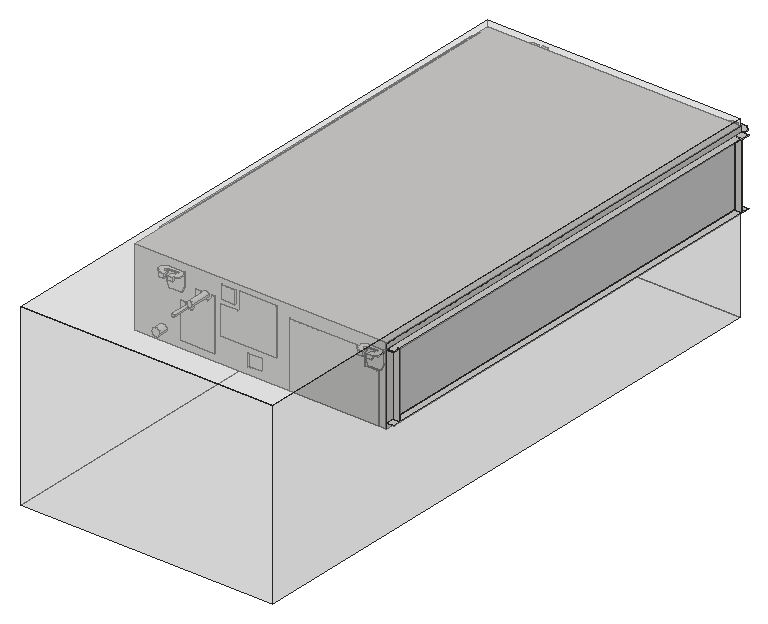
Revit family "outputfile", category 機械設備, Revit 2024
Family settings
  丸型コネクタ寸法 = 半径を使用
  パーツ タイプ = 標準
  OmniClass 番号 = 23.75.10.24.21.27.27
  OmniClass タイトル = Split System Air Conditioning Units
  作業面ベース = いいえ
  常に垂直 = はい
  ロード時にボイドで切り取り = いいえ
  注釈の向きを維持 = いいえ
  共有 = いいえ
  部屋計算ポイント = はい
Parameters (values of type "FBFC48DV2S")
  Description = ""
  製造元 = "Daikin"
  書き出し IFC クラス(タイプ) = "IfcUnitaryEquipmentType"
  定義済み IFC タイプ(タイプ) = "AIRCONDITIONINGUNIT"
  Cost = 0
  モデル = "FBFC48DV2S"
  Type Comments = ""
  Keynote = ""
  Type Image = (empty or 0)
  Assembly Code = ""
  switch_frequency = yes
  r_Liquid Pipe Size = Liquid Pipe Size / 2  # 4.75 mm
  r_Gas Pipe Size = Gas Pipe Size / 2  # 7.95 mm
  r_Drain Pipe Size = Drain Pipe Size / 2  # 12.5 mm
  lw_power = 770.0 mm  # constant formula
  lh_SA = 138.0 mm  # constant formula
  lw_SA = if(Depth = 550.0 mm, 225.0 mm, if(Depth = 700.0 mm, 300.0 mm, if(Depth = 1000.0 mm, 450.0 mm, if(Depth = 1400.0 mm, 650.0 mm, 725.0 mm))))  # 650.0 mm
  lw_RA = if(Depth = 550.0 mm, 275.0 mm, if(Depth = 700.0 mm, 349.0 mm, if(Depth = 1000.0 mm, 499.0 mm, if(Depth = 1400.0 mm, 699.0 mm, 775.0 mm))))  # 699.0 mm
  lh_power = 60.0 mm + [h***]  # 60.0 mm
  lh_mountinghole1 = lh_mountinghole + [h***]  # 222.0 mm
  lh_RA = 123.0 mm  # constant formula
  ld_power = Depth / 2  # 700.0 mm
  connector_voltage = Voltage_50Hz  # 220 V
  connector_powerinput = [Power Input (Cooling)]  # 0.000 kW
  connector_phase = Phase_50Hz  # 1
  Voltage_comment_50Hz = "220 - 240"
  Voltage_50Hz = 220 V
  URL = ""
  Supply Air Direction [instance] = yes
  Sound Power Level_H speed (dB) = 0
  Phase_50Hz = 1
  Minimum External Static Pressure = 50.00 Pa
  Minimum Circuit Amps_50Hz = 0.0 A
  Maximum Fuse Amps_50Hz = 0.0 A
  Maximum External Static Pressure = 150.00 Pa
  Material_Casing = DAIKIN_GalvanizedSteel_Casing_indoorunit
  lw_mountinghole = 630.0 mm  # constant formula
  lh_gaspipe = 183.0 mm + [h***]  # 183.0 mm
  lh_mountinghole = 222.0 mm  # constant formula
  lh_liquidpipe = 136.0 mm + [h***]  # 136.0 mm
  lh_drainpipe = 38.0 mm + [h***]  # 38.0 mm
  lh_antena = Height - lh_mountinghole + 1.0 mm  # 24.0 mm
  ld_drainpipe = Depth / 2 + 26.0 mm  # 726.0 mm
  ld_liquidpipe = Depth / 2 + 69.0 mm  # 769.0 mm
  ld_gaspipe = Depth / 2 + 65.0 mm  # 765.0 mm
  ld_mountinghole = Depth + 38.0 mm  # 1438.0 mm
  h*** = 0.0 mm  # constant formula
  lw_liquidpipe = 179.0 mm  # constant formula
  lw_gaspipe = 229.0 mm  # constant formula
  lw_drainpipe = 91.0 mm  # constant formula
  Width = 800.0 mm
  Version = "ver.1.0"
  Unit Type = "M.S.P. Duct"
  Unit Mass Weight = 46.00 kg
  Unit Designation [instance] = ""
  Uniclass2015Version = "Products v1.30"
  Uniclass2015Title = "Split coil room air conditioning units"
  Uniclass2015Code = "Pr_70_65_03_86"
  Total Cooling Capacity [instance] = 0.000 kW
  Sound Pressure Level_M speed (dBA) = 37.5
  Sound Pressure Level_L speed (dBA) = 35
  Sound Pressure Level_H speed (dBA) = 40
  Series = "SkyAir_Fan Coil Unit"
  Sensible Cooling Capacity [instance] = 0.000 kW
  SA Duct Size Width = 1192.0 mm
  SA Duct Size Height = 176.0 mm
  Refrigerant Type = "R32"
  RA Duct Size Width = 1352.0 mm
  RA Duct Size Height = 208.0 mm
  Power Input (Cooling) = 0.000 kW
  Option Accessory 3 [instance] = ""
  Option Accessory 2 [instance] = ""
  Option Accessory 1 [instance] = ""
  Nominal Cooling Capacity = 14.100 kW
  Minimum Airflow = 1500.00 m³/h
  Median Airflow = 1830.00 m³/h
  Maximum Airflow = 2160.00 m³/h
  Load Classification = HVAC
  Liquid Pipe Size = 9.5 mm
  Link_Nested Family [instance] = ""
  IfcVersion = ""
  IfcExportType = "AIRCONDITIONINGUNIT"
  IfcExportAs = "IfcUnitaryEquipmentType"
  Height = 245.0 mm
  Heat Exchanger Type = "Cross Fin Coil"
  Gas Pipe Size = 15.9 mm
  Frequency_50Hz = 50 Hz
  Fan Type = "Sirocco Fan"
  Fan Drive = "Direct Drive"
  FCU Tag No. [instance] = ""
  Drain Pipe Size = 25.0 mm
  Design Supply Airflow [instance] = 0.00 m³/h
  Design Return Airflow [instance] = 0.00 m³/h
  Design External Static Pressure [instance] = 0.00 Pa
  Depth = 1400.0 mm
  既定の高さ = 0.0 mm
  Cooling Entering Wet Bulb Temperature [instance] = 0.00 °C
  Cooling Entering Dry Bulb Temperature [instance] = 0.00 °C
  Cooling Ambient Wet Bulb Temperature [instance] = 0.00 °C
  Cooling Ambient Dry Bulb Temperature [instance] = 0.00 °C
  Clearance visibility [instance] = yes
  Clearance Top = 20.0 mm
  Clearance Right = 0.0 mm
  Clearance Rear = 0.0 mm
  Clearance Left = 0.0 mm
  Clearance Front = 450.0 mm
  Clearance Bottom = 300.0 mm
Reference planes
  plane 1 "Center (Front/Back)": y = 0
  plane 2 "h": z = 0
  plane 3 "Center (Left/Right)": x = 0
  plane 4 "Back": y = 700
  plane 5 "Front": y = -700
  plane 6 "Left": x = -400
  plane 7 "Right": x = 400
  plane 8 "Top": z = 0
  plane 9 "Bottom": z = -245
  plane 10: y = -215
  plane 11: y = 700
  plane 12: y = -1150
  plane 13: x = -400
  plane 14: x = 400
  plane 15: z = 20
  plane 16: z = -545
  plane 17: x = -400
  plane 18: x = -399
  plane 19: x = 399
  plane 20: y = 50
  plane 21: y = -1
  plane 22: z = -122
  plane 23: y = -701
  plane 24: z = -109
  plane 25: x = -221
  plane 26: y = -765
  plane 27: z = -62
  plane 28: x = -171
  plane 29: y = -726
  plane 30: z = -207
  plane 31: x = -309
  plane 32: x = -309
  plane 33: x = -221
  plane 34: x = -171
  plane 35: x = 370
  plane 36: x = -266
  plane 37: x = 364
  plane 38: y = -719
  plane 39: y = 719
  plane 40: z = -23
  plane 41: z = -107
  plane 42: y = -769
  plane 43: y = -726
  plane 44: x = -251
  plane 45: x = -203
  plane 46: x = -144
  plane 47: z = -59
  plane 48: z = -106
  plane 49: z = -221
  plane 50: z = -109
  plane 51: x = -221
  plane 52: z = -62
  plane 53: x = -171
  plane 54: z = -17
  plane 55: z = -59
  plane 56: x = -121
  plane 57: x = -79
  plane 58: x = -125
  plane 59: x = -64
  plane 60: x = 53
  plane 61: z = -164
  plane 62: z = -73
  plane 63: z = -16
  plane 64: x = 93.5
  plane 65: x = 374.5
  plane 66: x = 330
  plane 67: z = -88.5
  plane 68: z = -38
  plane 69: z = -242.5
  plane 70: x = -38.5
  plane 71: x = 6.5
  plane 72: z = -181
  plane 73: z = -221
  plane 74: y = -699
  plane 75: x = -424
  plane 76: x = 424
Forms (mm)
  Extrusion 1, solid, material "DAIKIN_GalvanizedSteel_Casing_indoorunit" <- "Material_Casing"
    sketch origin (0, 0, 0) x (1, 0, 0) y (0, 1, 0)
      loop
        line (-399, 700) -> (-399, -700) -> (399, -700) -> (399, 700) -> (-399, 700)
    from -245 to 0
  Extrusion 2, solid, material "DAIKIN_GalvanizedSteel_Casing_indoorunit" <- "Material_Casing"
    sketch origin (0, 0, 0) x (1, 0, 0) y (0, 0, 1)
      loop
        line (-251, -221) -> (-144, -221) -> (-144, -59) -> (-154.47, -59)
        arc (-154.47, -59) -> (-171, -78.8) -> (-187.53, -59) r 16.8
        line (-187.53, -59) -> (-203, -59) -> (-203, -106) -> (-206.916, -106)
        arc (-206.916, -106) -> (-221, -123.4) -> (-235.084, -106) r 14.4
        line (-235.084, -106) -> (-251, -106) -> (-251, -221)
    from 700 to 701
  Extrusion 3, solid, material "DAIKIN_GalvanizedSteel_Casing_indoorunit" <- "Material_Casing"
    sketch origin (0, 0, 0) x (1, 0, 0) y (0, 0, 1)
      loop
        line (-121, -17) -> (-121, -59) -> (-79, -59) -> (-79, -17) -> (-121, -17)
      loop
        line (-125, -73) -> (-125, -164) -> (53, -164) -> (53, -16) -> (-64, -16) -> (-64, -73) -> (-125, -73)
    from 700 to 701
  Extrusion 4, solid, material "DAIKIN_GalvanizedSteel_Casing_indoorunit" <- "Material_Casing"
    sketch origin (0, 0, 0) x (1, 0, 0) y (0, 0, 1)
      loop
        line (93.5, -38) -> (93.5, -242.5) -> (374.5, -242.5) -> (374.5, -88.5) -> (330, -88.5) -> (330, -38) -> (93.5, -38)
    from 700 to 701
  Extrusion 5, solid, material "DAIKIN_GalvanizedSteel_Casing_indoorunit" <- "Material_Casing"
    sketch origin (0, 0, 0) x (1, 0, 0) y (0, 0, 1)
      loop
        circle (-221, -109) r 4.75
    from 700 to 769
  Extrusion 6, solid, material "DAIKIN_GalvanizedSteel_Casing_indoorunit" <- "Material_Casing"
    sketch origin (0, 0, 0) x (1, 0, 0) y (0, 0, 1)
      loop
        circle (-171, -62) r 7.95
    from 700 to 765
  Extrusion 7, solid, material "DAIKIN_GalvanizedSteel_Casing_indoorunit" <- "Material_Casing"
    sketch origin (0, 0, 0) x (1, 0, 0) y (0, 0, 1)
      loop
        circle (-309, -207) r 12.5
    from 700 to 726
  Extrusion 8, void
    sketch origin (0, 0, 0) x (1, 0, 0) y (0, 0, 1)
      loop
        line (-38.5, -181) -> (-38.5, -221) -> (6.5, -221) -> (6.5, -181) -> (-38.5, -181)
    from 699 to 700
Cuts and joins
  Extrusion 8 cuts Extrusion 1
Dimensions and locks
  "Height": plane 8 "Top" to plane 9 "Bottom"
  equal spacing: plane 4 "Back", plane 1 "Center (Front/Back)", plane 5 "Front"
  "Depth": plane 4 "Back" to plane 5 "Front"
  equal spacing: plane 6 "Left", plane 3 "Center (Left/Right)", plane 7 "Right"
  "Width": plane 6 "Left" to plane 7 "Right"
  "Clearance Left": plane 13 to plane 6 "Left"
  "Clearance Right": plane 7 "Right" to plane 14
  "Clearance Rear": plane 11 to plane 4 "Back"
  "Clearance Front": plane 5 "Front" to plane 12
  "Clearance Top": plane 15 to plane 8 "Top"
  "Clearance Bottom": plane 9 "Bottom" to plane 16
  locked: plane 17 to plane 18 at 1
  locked: plane 19 to plane 14 at 1
  "lw_SA": plane 11 to plane 20
  "lw_RA": plane 21 to plane 5 "Front"
  "lh_RA": plane 22 to plane 9 "Bottom"
  locked: plane 5 "Front" to plane 23 at 1
  "lw_liquidpipe": plane 25 to plane 6 "Left"
  "lh_liquidpipe": plane 24 to plane 9 "Bottom"
  "lh_gaspipe": plane 27 to plane 9 "Bottom"
  "lw_gaspipe": plane 28 to plane 6 "Left"
  "ld_gaspipe": plane 26 to plane 1 "Center (Front/Back)"
  "ld_drainpipe": plane 29 to plane 1 "Center (Front/Back)"
  "lh_drainpipe": plane 30 to plane 9 "Bottom"
  "lw_drainpipe": plane 31 to plane 6 "Left"
  "lw_drainpipe": plane 6 "Left" to plane 32
  "lw_liquidpipe": plane 6 "Left" to plane 33
  "lw_gaspipe": plane 6 "Left" to plane 34
  "lw_power": plane 6 "Left" to plane 35
  locked: plane 17 to plane 36 at 134
  "lw_mountinghole": plane 36 to plane 37
  equal spacing: plane 38, plane 1 "Center (Front/Back)", plane 39
  "ld_mountinghole": plane 39 to plane 38
  "lh_mountinghole": plane 40 to plane 9 "Bottom"
  "lh_SA": plane 41 to plane 9 "Bottom"
  locked: plane 5 "Front" to plane 43 at 26
  plane 46 to plane 45 to plane 44 to plane 6 "Left" = 59.0 mm, 48.0 mm, 149.0 mm
  plane 8 "Top" to plane 47 to plane 48 to plane 49 = 59.0 mm locked, 47.0 mm locked, 115.0 mm locked
  plane 53 to plane 51 to plane 6 "Left" = 50.0 mm locked, 179.0 mm locked
  plane 52 to plane 50 to plane 9 "Bottom" = 47.0 mm locked, 136.0 mm locked
  plane 57 to plane 56 to plane 6 "Left" = 42.0 mm locked, 279.0 mm locked
  plane 8 "Top" to plane 54 to plane 55 = 17.0 mm locked, 42.0 mm locked
  plane 60 to plane 59 to plane 58 to plane 6 "Left" = 117.0 mm, 61.0 mm, 275.0 mm
  plane 8 "Top" to plane 63 to plane 62 = 16.0 mm locked, 57.0 mm locked
  locked: plane 63 to plane 61 at 148
  plane 8 "Top" to plane 68 to plane 67 to plane 69 = 38.0 mm locked, 50.5 mm locked, 154.0 mm locked
  plane 65 to plane 66 to plane 64 to plane 6 "Left" = 44.5 mm locked, 236.5 mm locked, 493.5 mm locked
  plane 8 "Top" to plane 72 to plane 73 = 181.0 mm locked, 40.0 mm locked
  plane 71 to plane 70 to plane 6 "Left" = 45.0 mm, 361.5 mm
  locked: plane 74 to plane 5 "Front" at 1
  locked: plane 75 to plane 17 at 24
  locked: plane 14 to plane 76 at 24
  "ld_liquidpipe": plane 42 to plane 1 "Center (Front/Back)"
  "r_Liquid Pipe Size": radius of Extrusion 5 sketch curve
  "r_Gas Pipe Size": radius of Extrusion 6 sketch curve
  "r_Drain Pipe Size": radius of Extrusion 7 sketch curve
  aligned and locked: level to plane 2 "h"
  aligned and locked: plane 8 "Top" to Extrusion 1
  aligned and locked: Extrusion 1 to plane 9 "Bottom"
  aligned and locked: nested 5 to plane 12
  aligned and locked: plane 13 to nested 5
  aligned and locked: plane 14 to nested 5
  aligned and locked: nested 5 to plane 13
  aligned and locked: plane 11 to nested 5
  aligned and locked: plane 15 to nested 5
  aligned and locked: plane 16 to nested 5
  aligned and locked: plane 5 "Front" to Extrusion 1 sketch curve
  aligned and locked: Extrusion 1 to plane 18
  aligned and locked: plane 19 to Extrusion 1
  aligned and locked: nested 7 to plane 18
  aligned and locked: nested 7 to plane 20
  aligned and locked: plane 19 to nested 8
  aligned and locked: plane 21 to nested 8
  aligned and locked: plane 22 to nested 8
  aligned and locked: Extrusion 2 to plane 23
  aligned and locked: plane 5 "Front" to Extrusion 2
  aligned and locked: Extrusion 3 to plane 23
  aligned and locked: plane 5 "Front" to Extrusion 3
  aligned and locked: plane 5 "Front" to Extrusion 4
  aligned and locked: Extrusion 5 sketch curve to plane 25
  aligned and locked: plane 24 to Extrusion 5 sketch curve
  aligned and locked: plane 5 "Front" to Extrusion 5
  aligned and locked: Extrusion 6 sketch curve to plane 28
  aligned and locked: plane 27 to Extrusion 6 sketch curve
  aligned and locked: plane 5 "Front" to Extrusion 6
  aligned and locked: Extrusion 7 sketch curve to plane 31
  aligned and locked: plane 30 to Extrusion 7 sketch curve
  aligned and locked: Extrusion 7 to plane 29
  aligned and locked: nested 3 to plane 29
  aligned and locked: nested 3 to plane 32
  aligned and locked: nested 2 to plane 33
  aligned and locked: nested 1 to plane 34
  aligned and locked: Extrusion 6 to plane 26
  aligned and locked: nested 1 to plane 26
  aligned and locked: nested 6 to plane 5 "Front"
  aligned and locked: nested 6 to plane 35
  aligned and locked: plane 36 to nested 10
  aligned and locked: nested 10 to plane 5 "Front"
  aligned and locked: plane 37 to nested 9
  aligned and locked: nested 9 to plane 5 "Front"
  aligned and locked: nested 11 to plane 36
  aligned and locked: plane 4 "Back" to nested 11
  aligned and locked: nested 12 to plane 37
  aligned and locked: plane 4 "Back" to nested 12
  aligned and locked: plane 40 to nested 10
  aligned and locked: plane 40 to nested 11
  aligned and locked: plane 40 to nested 9
  aligned and locked: plane 40 to nested 12
  aligned and locked: plane 36 to nested 14
  aligned and locked: nested 14 to plane 39
  aligned and locked: plane 37 to nested 13
  aligned and locked: nested 13 to plane 39
  aligned and locked: plane 37 to nested 16
  aligned and locked: plane 38 to nested 16
  aligned and locked: plane 38 to nested 15
  aligned and locked: plane 36 to nested 15
  aligned and locked: plane 17 to plane 6 "Left"
  aligned and locked: plane 41 to nested 7
  aligned and locked: Extrusion 5 to plane 42
  aligned and locked: nested 2 to plane 42
  aligned and locked: Extrusion 3 sketch curve to plane 54
  aligned and locked: Extrusion 3 sketch curve to plane 56
  aligned and locked: plane 55 to Extrusion 3 sketch curve
  aligned and locked: plane 57 to Extrusion 3 sketch curve
  aligned and locked: Extrusion 4 to plane 23
  aligned and locked: Extrusion 8 sketch curve to plane 72
  aligned and locked: plane 73 to Extrusion 8 sketch curve
  aligned and locked: plane 71 to Extrusion 8 sketch curve
  aligned and locked: plane 5 "Front" to Extrusion 8
  aligned and locked: plane 74 to Extrusion 8
  aligned and locked: nested 17 to plane 20
  aligned and locked: nested 17 to plane 75
  aligned and locked: plane 21 to nested 18
  aligned and locked: plane 76 to nested 18
  aligned and locked: plane 41 to nested 17
  aligned and locked: nested 18 to plane 22
  aligned and locked: nested 4 to plane 3 "Center (Left/Right)"
  aligned and locked: plane 1 "Center (Front/Back)" to nested 4
  aligned and locked: level to plane 8 "Top"
  aligned and locked: plane 5 "Front" to Extrusion 7
Automatic sketch dimensions
  plane 6 "Left" to Extrusion 1 sketch curve = 1.0 mm
  Extrusion 1 sketch curve to plane 7 "Right" = 1.0 mm
  Extrusion 1 sketch curve to plane 4 "Back" = 0.0 mm
  Extrusion 2 sketch curve to plane 44 = 0.0 mm
  Extrusion 2 sketch curve to plane 33 = 0.0 mm
  Extrusion 2 sketch curve to plane 45 = 0.0 mm
  Extrusion 2 sketch curve to plane 34 = 0.0 mm
  Extrusion 2 sketch curve to plane 46 = 0.0 mm
  Extrusion 2 sketch curve to plane 49 = 0.0 mm
  Extrusion 2 sketch curve to plane 50 = 0.0 mm
  Extrusion 2 sketch curve to plane 48 = 0.0 mm  (x3)
  Extrusion 2 sketch curve to plane 52 = 0.0 mm
  Extrusion 2 sketch curve to plane 47 = 0.0 mm  (x3)
  plane 33 to Extrusion 2 sketch curve = 14.084 mm
  plane 34 to Extrusion 2 sketch curve = 16.53 mm
  Extrusion 3 sketch curve to plane 58 = 0.0 mm
  Extrusion 3 sketch curve to plane 59 = 0.0 mm
  Extrusion 3 sketch curve to plane 60 = 0.0 mm
  Extrusion 3 sketch curve to plane 61 = 0.0 mm
  Extrusion 3 sketch curve to plane 62 = 0.0 mm
  Extrusion 3 sketch curve to plane 63 = 0.0 mm
  Extrusion 4 sketch curve to plane 64 = 0.0 mm
  Extrusion 4 sketch curve to plane 66 = 0.0 mm
  Extrusion 4 sketch curve to plane 65 = 0.0 mm
  Extrusion 4 sketch curve to plane 69 = 0.0 mm
  Extrusion 4 sketch curve to plane 67 = 0.0 mm
  Extrusion 4 sketch curve to plane 68 = 0.0 mm
  Extrusion 8 sketch curve to plane 70 = 0.0 mm
Nested families
  nested 1: "daikin_connector_rotate2" at (-171, 0, -62), length <- "ld_gaspipe", built-in parameter 1001364 <- "lh_gaspipe", radius <- "r_Gas Pipe Size", type "daikin_connector_rotate2"
    with radius 7.95 mm, length 765.0 mm, angle_vertical 90.00°
  nested 2: "daikin_connector_rotate2" at (-221, 0, -109), length <- "ld_liquidpipe", built-in parameter 1001364 <- "lh_liquidpipe", radius <- "r_Liquid Pipe Size", type "daikin_connector_rotate2"
    with radius 4.75 mm, length 769.0 mm, angle_vertical 90.00°
  nested 3: "daikin_connector_rotate2" at (-309, 0, -207), length <- "ld_drainpipe", built-in parameter 1001364 <- "lh_drainpipe", radius <- "r_Drain Pipe Size", type "daikin_connector_rotate2"
    with radius 12.5 mm, length 726.0 mm, angle_vertical 90.00°
  nested 4: "daikin_△_symbolicline" at (0, 0, 245) x (0, -1, 0) z (0, 0, 1), built-in parameter 1001364 <- "Height", visible <- "Supply Air Direction", type "daikin_△_symbolicline"
    with length 200.0 mm
  nested 5: "daikin_clearancespace" at (0, -225, -262.381), visible <- "Clearance visibility", show <- "Clearance visibility", Link_Nested Family <- "Link_Nested Family", type "daikin_clearancespace"
    with width 800.0 mm, show yes, height 565.0 mm, depth 1850.0 mm, Link_Nested Family ""
  nested 6: "daikin_connector_rotate2" at (370, 0, -185), built-in parameter 1001364 <- "lh_power", length <- "ld_power", type "daikin_connector_rotate2"
    with radius 10.0 mm, length 700.0 mm, angle_vertical 90.00°
  nested 7: "daikin_ductflange_FBFC-DV2S2" at (-399, 50, -107) x (0, -1, 0) z (0, 0, 1), type "daikin_ductflange_FBFC-DV2S2"
  nested 8: "daikin_ductflange_FBFC-DV2S" at (399, -1, -122) x (0, 1, 0) z (0, 0, 1), type "daikin_ductflange_FBFC-DV2S"
    with width 1352.0 mm, lw 25.0 mm, w 1400.0 mm
  nested 9: "daikin_hangerfixture_FBFC-DV2S" at (364, -700, -23), type "daikin_hangerfixture_FBFC-DV2S"
  nested 10: "daikin_hangerfixture_FBFC-DV2S" at (-266, -700, -23), type "daikin_hangerfixture_FBFC-DV2S"
  nested 11: "daikin_hangerfixture_FBFC-DV2S" at (-266, 700, -23) x (-1, 0, 0) z (0, 0, 1), type "daikin_hangerfixture_FBFC-DV2S"
  nested 12: "daikin_hangerfixture_FBFC-DV2S" at (364, 700, -23) x (-1, 0, 0) z (0, 0, 1), type "daikin_hangerfixture_FBFC-DV2S"
  nested 13: "daikin_mountinghole" at (364, 719, -245), h_mountinghole <- "lh_mountinghole1", l_antenna <- "lh_antena", Link_Nested Family <- "Link_Nested Family", type "daikin_mountinghole"
    with show yes, l_antenna 24.0 mm, h_mountinghole 222.0 mm, Link_Nested Family ""
  nested 14: "daikin_mountinghole" at (-266, 719, -245), h_mountinghole <- "lh_mountinghole1", l_antenna <- "lh_antena", Link_Nested Family <- "Link_Nested Family", type "daikin_mountinghole"
    with show yes, l_antenna 24.0 mm, h_mountinghole 222.0 mm, Link_Nested Family ""
  nested 15: "daikin_mountinghole" at (-266, -719, -245), h_mountinghole <- "lh_mountinghole1", l_antenna <- "lh_antena", Link_Nested Family <- "Link_Nested Family", type "daikin_mountinghole"
    with show yes, l_antenna 24.0 mm, h_mountinghole 222.0 mm, Link_Nested Family ""
  nested 16: "daikin_mountinghole" at (364, -719, -245), h_mountinghole <- "lh_mountinghole1", l_antenna <- "lh_antena", Link_Nested Family <- "Link_Nested Family", type "daikin_mountinghole"
    with show yes, l_antenna 24.0 mm, h_mountinghole 222.0 mm, Link_Nested Family ""
  nested 17: "daikin_connector_rotate2" at (-400, 50, -107) x (0, -1, 0) z (0, 0, 1), type "daikin_connector_rotate2"
    with radius 10.0 mm, length 24.0 mm, angle_vertical 90.00°
  nested 18: "daikin_connector_rotate2" at (400, -1, -122) x (0, 1, 0) z (0, 0, 1), type "daikin_connector_rotate2"
    with radius 10.0 mm, length 24.0 mm, angle_vertical 90.00°
Connectors
  piping at (-309, -726, -207), diameter 25, driven by "r_Drain Pipe Size"
    settings: on nested 3, index 3, connector inside diameter 609.6 mm, connector length 0.0 mm, flow factor 0, pipe flow 0.00 m³/h, pressure drop 0.0 Pa, fitting loss kfactor 0, connector angle 0.00°, fixture units 0, engagement length 0.0 mm, angle of deflection 0.00°, flow configuration 1, flow direction 2, fitting loss method 4, system type 16, joint type 0, gender type 0, connector reference index -1, connector utility 0, adjustable connector no, is connector primary yes, connector description "Condensate Drain Piping"
  piping at (-171, -765, -62), diameter 15.9, driven by "r_Gas Pipe Size"
    settings: on nested 1, index 4, connector inside diameter 609.6 mm, connector length 0.0 mm, flow factor 0, pipe flow 0.00 m³/h, pressure drop 0.0 Pa, fitting loss kfactor 0, connector angle 0.00°, fixture units 0, engagement length 0.0 mm, angle of deflection 0.00°, flow configuration 1, flow direction 2, fitting loss method 0, system type 29, joint type 0, gender type 0, connector reference index -1, connector utility 0, adjustable connector no, is connector primary no, connector description "Refrigerant Gas Piping"
  piping at (-221, -769, -109), diameter 9.5, driven by "r_Liquid Pipe Size"
    settings: on nested 2, index 5, connector inside diameter 609.6 mm, connector length 0.0 mm, flow factor 0, pipe flow 0.00 m³/h, pressure drop 0.0 Pa, fitting loss kfactor 0, connector angle 0.00°, fixture units 0, engagement length 0.0 mm, angle of deflection 0.00°, flow configuration 1, flow direction 1, fitting loss method 0, system type 29, joint type 0, gender type 0, connector reference index -1, connector utility 0, adjustable connector no, is connector primary no, connector description "Refrigerant Liquid Piping"
  electrical at (370, -700, -185), driven by "Load Classification", driven by "connector_powerinput", driven by "connector_phase", driven by "connector_voltage"
    settings: on nested 6, index 6, voltage 220 V, apparent load 0 VA, apparent load phase1 0 VA, apparent load phase2 0 VA, apparent load phase3 0 VA, power factor 1, load classification "HVAC", number of poles 1, system type 30, power factor state 1, is connector primary yes, connector utility no, sub classification motor no, connector description "Power Supply"
  hvac at (-424, 50, -107), driven by "SA Duct Size Height", driven by "SA Duct Size Width"
    settings: on nested 17, index 7, duct flow 0.00 m³/h, flow factor 0, pres drop 0.00 Pa, loss coef 0, conn angle 0.00°, conn width 1192.0 mm, conn height 176.0 mm, conn diameter 609.6 mm, duct sys type 1, conn prof type 1, flow config 0, flow direction 2, loss method 4, conn ref index -1, conn util no, is conn primary yes, conn desc "SA Duct"
  hvac at (424, -1, -122), driven by "RA Duct Size Height", driven by "RA Duct Size Width"
    settings: on nested 18, index 8, duct flow 0.00 m³/h, flow factor 0, pres drop 0.00 Pa, loss coef 0, conn angle 0.00°, conn width 1352.0 mm, conn height 208.0 mm, conn diameter 609.6 mm, duct sys type 2, conn prof type 1, flow config 0, flow direction 1, loss method 4, conn ref index -1, conn util no, is conn primary no, conn desc "RA Duct"
Definition of nested family "daikin_clearancespace"
  Parameters (values of type "daikin_clearancespace")
    Description = "daikin_clearancespace"
    width [instance] = 1823.963 mm
    show [instance] = yes
    material = none
    height [instance] = 1359.762 mm
    depth [instance] = 880.0 mm
    Default Elevation = 0.0 mm
    Link_Nested Family [instance] = ""
  Reference planes
    plane 1 "Center (Front/Back)": y = 0
    plane 2 "Center (Elevation)": z = -0.119
    plane 3 "Center (Left/Right)": x = 0
    plane 4: y = 440
    plane 5: y = -440
    plane 6 "Right": x = 911.982
    plane 7 "Left": x = -911.982
    plane 8 "Top": z = 679.762
    plane 9 "Bottom": z = -680
  Forms (mm)
    Extrusion 1, solid, material <- "material", visible <- "show"
      sketch origin (0, 0, 0) x (1, 0, 0) y (0, 1, 0)
        loop
          line (-911.982, 440) -> (-911.982, -440) -> (911.982, -440) -> (911.982, 440) -> (-911.982, 440)
      from -680 to 679.762
  Lines and regions (mm)
    symbolic lines, visible <- "show"
      curve 1: line (911.982, 440, 0) -> (-911.982, 440, 0)
      curve 2: line (-911.982, 440, 0) -> (-911.982, -440, 0)
      curve 3: line (-911.982, -440, 0) -> (911.982, -440, 0)
      curve 4: line (911.982, -440, 0) -> (911.982, 440, 0)
      curve 5: line (911.982, 0, 679.762) -> (-911.982, 0, 679.762)
      curve 6: line (911.982, 0, -680) -> (911.982, 0, 679.762)
      curve 7: line (-911.982, 0, -680) -> (911.982, 0, -680)
      curve 8: line (-911.982, 0, 679.762) -> (-911.982, 0, -680)
      curve 9: line (0, 440, 679.762) -> (0, -440, 679.762)
      curve 10: line (0, -440, 679.762) -> (0, -440, -680)
      curve 11: line (0, 440, -680) -> (0, 440, 679.762)
      curve 12: line (0, -440, -680) -> (0, 440, -680)
  Dimensions and locks
    "width": plane 7 "Left" to plane 6 "Right"
    "depth": plane 4 to plane 5
    "height": plane 8 "Top" to plane 9 "Bottom"
    equal spacing: plane 7 "Left", plane 3 "Center (Left/Right)", plane 6 "Right"
    equal spacing: plane 4, plane 1 "Center (Front/Back)", plane 5
    equal spacing: plane 8 "Top", plane 2 "Center (Elevation)", plane 9 "Bottom"
    aligned and locked: level to plane 2 "Center (Elevation)"
    aligned and locked: Extrusion 1 sketch curve to plane 4
    aligned and locked: plane 7 "Left" to Extrusion 1 sketch curve
    aligned and locked: Extrusion 1 sketch curve to plane 5
    aligned and locked: Extrusion 1 sketch curve to plane 6 "Right"
    aligned and locked: plane 8 "Top" to Extrusion 1
    aligned and locked: curve 1 to Extrusion 1
    aligned and locked: curve 2 to Extrusion 1
    aligned and locked: curve 3 to Extrusion 1
    aligned and locked: curve 4 to Extrusion 1
    aligned and locked: curve 5 to Extrusion 1
    aligned and locked: curve 6 to Extrusion 1
    aligned and locked: curve 7 to Extrusion 1
    aligned and locked: curve 8 to Extrusion 1
    aligned and locked: curve 9 to Extrusion 1
    aligned and locked: curve 10 to Extrusion 1
    aligned and locked: curve 11 to Extrusion 1
    aligned and locked: curve 12 to Extrusion 1
    aligned and locked: Extrusion 1 to plane 9 "Bottom"
Definition of nested family "daikin_ductflange_FBFC-DV2S2"
  Parameters (values of type "daikin_ductflange_FBFC-DVMG2")
    width = if(w = 550.0 mm, 337.0 mm, if(w = 700.0 mm, 492.0 mm, if(w = 1000.0 mm, 792.0 mm, if(w = 1400.0 mm, 1192.0 mm, 1337.0 mm))))  # 1192.0 mm
    material = none
    height = 215.0 mm
    depth = 1.0 mm
    w = 1400.0 mm
    Default Elevation = 0.0 mm
  Reference planes
    plane 1 "Center (Front/Back)": y = 0
    plane 2: z = 0
    plane 3 "Center (Left/Right)": x = 0
    plane 4: z = 88
    plane 5: z = -88
    plane 6: y = -25
    plane 7: z = 106
    plane 8: z = 89
    plane 9: y = -1
    plane 10: x = -617.5
    plane 11: x = 617.5
    plane 12: z = -106
    plane 13: z = -89
    plane 14: y = -1
    plane 15: x = 596
    plane 16: x = -596
    plane 17: x = 597
    plane 18: z = 87
    plane 19: z = -87
    plane 20: x = -597
    plane 21: z = 87
    plane 22: z = -87
    plane 23: y = -1
  Forms (mm)
    Extrusion 1, solid, material <- "material"
      sketch origin (0, 0, 0) x (0, 1, 0) y (0, 0, 1)
        loop
          line (-25, 88) -> (0, 88) -> (0, 106) -> (-1, 106) -> (-1, 89) -> (-25, 89) -> (-25, 88)
      from -617.5 to 617.5
    Extrusion 2, solid, material <- "material"
      sketch origin (0, 0, 0) x (0, 1, 0) y (0, 0, 1)
        loop
          line (-25, -88) -> (-25, -89) -> (-1, -89) -> (-1, -106) -> (0, -106) -> (0, -88) -> (-25, -88)
      from -617.5 to 617.5
    Extrusion 3, solid, material <- "material"
      sketch origin (0, 0, 0) x (1, 0, 0) y (0, 0, 1)
        loop
          line (596, 88) -> (596, -88) -> (617.5, -88) -> (617.5, -87) -> (597, -87) -> (597, 87) -> (617.5, 87) -> (617.5, 88) -> (596, 88)
      from 0 to 25
    Extrusion 4, solid, material <- "material"
      sketch origin (0, 0, 0) x (1, 0, 0) y (0, 0, 1)
        loop
          line (-617.5, 88) -> (-617.5, 87) -> (-597, 87) -> (-597, -87) -> (-617.5, -87) -> (-617.5, -88) -> (-596, -88) -> (-596, 88) -> (-617.5, 88)
      from 0 to 25
    Extrusion 5, solid, material <- "material"
      sketch origin (0, 0, 0) x (1, 0, 0) y (0, 0, 1)
        loop
          line (-617.5, 88) -> (-617.5, -88) -> (-596, -88) -> (-596, 88) -> (-617.5, 88)
        loop
          line (617.5, 88) -> (596, 88) -> (596, -88) -> (617.5, -88) -> (617.5, 88)
      from 0 to 1
  Cuts and joins
    joined: Extrusion 1, Extrusion 2, Extrusion 3, Extrusion 4, Extrusion 5
  Dimensions and locks
    plane 4 to level to plane 5 = 88.0 mm, 88.0 mm
    locked: plane 6 to plane 1 "Center (Front/Back)" at 25
    locked: plane 9 to plane 1 "Center (Front/Back)" at 1
    locked: plane 8 to plane 4 at 1
    locked: plane 16 to plane 10 at 21.5
    locked: plane 17 to plane 15 at 1
    locked: plane 4 to plane 18 at 1
    locked: plane 19 to plane 5 at 1
    "width": plane 15 to plane 16
    plane 4 to plane 5 = 176.0 mm
    locked: plane 16 to plane 20 at 1
    locked: plane 4 to plane 21 at 1
    locked: plane 22 to plane 5 at 1
    locked: plane 23 to plane 1 "Center (Front/Back)" at 1
    plane 4 to level to plane 5 = 88.0 mm locked, 88.0 mm locked
    locked: plane 5 to plane 13 at 1
    locked: plane 5 to plane 12 at 18
    locked: plane 7 to plane 4 at 18
    equal spacing: plane 15, plane 3 "Center (Left/Right)", plane 16
    locked: plane 11 to plane 15 at 21.5
    plane 11 to plane 10 = 1235.0 mm
    aligned and locked: level to plane 2
    aligned and locked: Extrusion 1 to plane 10
    aligned and locked: plane 11 to Extrusion 1
    aligned and locked: plane 5 to Extrusion 2
    aligned and locked: Extrusion 2 to plane 1 "Center (Front/Back)"
    aligned and locked: plane 15 to Extrusion 3 sketch curve
    aligned and locked: Extrusion 3 sketch curve to Extrusion 2  (x2)
    aligned and locked: Extrusion 3 sketch curve to plane 11
    aligned and locked: plane 6 to Extrusion 3
    aligned and locked: Extrusion 2 to plane 10
    aligned and locked: plane 11 to Extrusion 2
    aligned and locked: Extrusion 4 sketch curve to Extrusion 1  (x2)
    aligned and locked: plane 5 to Extrusion 4 sketch curve
    aligned and locked: Extrusion 4 sketch curve to plane 16
    aligned and locked: Extrusion 4 sketch curve to plane 22
    aligned and locked: plane 20 to Extrusion 4 sketch curve
    aligned and locked: plane 21 to Extrusion 4 sketch curve
    aligned and locked: Extrusion 4 to plane 1 "Center (Front/Back)"
    aligned and locked: plane 6 to Extrusion 4
    aligned and locked: Extrusion 5 sketch curve to Extrusion 1  (x4)
    aligned and locked: Extrusion 5 sketch curve to Extrusion 4  (x2)
    aligned and locked: Extrusion 5 sketch curve to Extrusion 3  (x2)
    aligned and locked: Extrusion 5 to plane 1 "Center (Front/Back)"
    aligned and locked: plane 23 to Extrusion 5
  Automatic sketch dimensions
    Extrusion 1 sketch curve to plane 6 = 0.0 mm
    Extrusion 1 sketch curve to plane 7 = 0.0 mm
    Extrusion 1 sketch curve to plane 9 = 0.0 mm
    Extrusion 1 sketch curve to plane 1 "Center (Front/Back)" = 0.0 mm
    Extrusion 1 sketch curve to plane 4 = 0.0 mm
    Extrusion 1 sketch curve to plane 8 = 0.0 mm
    Extrusion 2 sketch curve to plane 6 = 0.0 mm
    plane 12 to Extrusion 2 sketch curve = 0.0 mm
    Extrusion 2 sketch curve to plane 14 = 0.0 mm
    Extrusion 2 sketch curve to plane 1 "Center (Front/Back)" = 0.0 mm
    plane 13 to Extrusion 2 sketch curve = 0.0 mm
    Extrusion 2 sketch curve to plane 5 = 0.0 mm
    Extrusion 3 sketch curve to plane 17 = 0.0 mm
    Extrusion 3 sketch curve to plane 19 = 0.0 mm
    Extrusion 3 sketch curve to plane 18 = 0.0 mm
    Extrusion 3 sketch curve to plane 4 = 0.0 mm
    Extrusion 4 sketch curve to plane 10 = 0.0 mm
Definition of nested family "daikin_ductflange_FBFC-DV2S"
  Parameters (values of type "daikin_ductflange_FBFC-DVMG")
    width = if(w = 550.0 mm, 502.0 mm, if(w = 700.0 mm, 654.0 mm, if(w = 1000.0 mm, 952.0 mm, if(w = 1400.0 mm, 1352.0 mm, 1502.0 mm))))  # 654.0 mm
    material = none
    lw = if(width = 654.0 mm, 23.0 mm, 25.0 mm)  # 23.0 mm
    height = 208.0 mm
    depth = 1.0 mm
    w = 700.0 mm
    Default Elevation = 0.0 mm
  Reference planes
    plane 1 "Center (Front/Back)": y = 0
    plane 2: z = 0
    plane 3 "Center (Left/Right)": x = 0
    plane 4: z = 104
    plane 5: z = -104
    plane 6: y = -25
    plane 7: z = 121
    plane 8: z = 105
    plane 9: y = -1
    plane 10: x = -350
    plane 11: x = 350
    plane 12: z = -122
    plane 13: z = -105
    plane 14: y = -1
    plane 15: x = 327
    plane 16: x = -327
    plane 17: x = 328
    plane 18: z = 103
    plane 19: z = -103
    plane 20: x = -328
    plane 21: z = 103
    plane 22: z = -103
    plane 23: y = -1
  Forms (mm)
    Extrusion 1, solid, material <- "material"
      sketch origin (0, 0, 0) x (0, 1, 0) y (0, 0, 1)
        loop
          line (-25, 104) -> (0, 104) -> (0, 121) -> (-1, 121) -> (-1, 105) -> (-25, 105) -> (-25, 104)
      from -350 to 350
    Extrusion 2, solid, material <- "material"
      sketch origin (0, 0, 0) x (0, 1, 0) y (0, 0, 1)
        loop
          line (-25, -104) -> (-25, -105) -> (-1, -105) -> (-1, -122) -> (0, -122) -> (0, -104) -> (-25, -104)
      from -350 to 350
    Extrusion 3, solid, material <- "material"
      sketch origin (0, 0, 0) x (1, 0, 0) y (0, 0, 1)
        loop
          line (327, 104) -> (327, -104) -> (350, -104) -> (350, -103) -> (328, -103) -> (328, 103) -> (350, 103) -> (350, 104) -> (327, 104)
      from 0 to 25
    Extrusion 4, solid, material <- "material"
      sketch origin (0, 0, 0) x (1, 0, 0) y (0, 0, 1)
        loop
          line (-350, 104) -> (-350, 103) -> (-328, 103) -> (-328, -103) -> (-350, -103) -> (-350, -104) -> (-327, -104) -> (-327, 104) -> (-350, 104)
      from 0 to 25
    Extrusion 5, solid, material <- "material"
      sketch origin (0, 0, 0) x (1, 0, 0) y (0, 0, 1)
        loop
          line (-350, 104) -> (-350, -104) -> (-327, -104) -> (-327, 104) -> (-350, 104)
        loop
          line (350, 104) -> (327, 104) -> (327, -104) -> (350, -104) -> (350, 104)
      from 0 to 1
  Cuts and joins
    joined: Extrusion 1, Extrusion 2, Extrusion 3, Extrusion 4, Extrusion 5
  Dimensions and locks
    plane 4 to level to plane 5 = 104.0 mm, 104.0 mm
    locked: plane 6 to plane 1 "Center (Front/Back)" at 25
    locked: plane 9 to plane 1 "Center (Front/Back)" at 1
    locked: plane 8 to plane 4 at 1
    "lw": plane 11 to plane 15
    "lw": plane 16 to plane 10
    locked: plane 17 to plane 15 at 1
    locked: plane 4 to plane 18 at 1
    locked: plane 19 to plane 5 at 1
    "width": plane 15 to plane 16
    equal spacing: plane 15, plane 3 "Center (Left/Right)", plane 16
    locked: plane 16 to plane 20 at 1
    locked: plane 4 to plane 21 at 1
    locked: plane 22 to plane 5 at 1
    locked: plane 23 to plane 1 "Center (Front/Back)" at 1
    locked: plane 7 to plane 4 at 17
    locked: plane 1 "Center (Front/Back)" to plane 14 at 1
    locked: plane 5 to plane 13 at 1
    "height": plane 4 to plane 5
    plane 11 to plane 10 = 700.0 mm
    locked: plane 12 to plane 13 at 17
    equal spacing: plane 4, level, plane 5
    aligned and locked: level to plane 2
    aligned and locked: Extrusion 1 to plane 10
    aligned and locked: plane 11 to Extrusion 1
    aligned and locked: plane 5 to Extrusion 2
    aligned and locked: Extrusion 2 to plane 1 "Center (Front/Back)"
    aligned and locked: plane 15 to Extrusion 3 sketch curve
    aligned and locked: Extrusion 3 sketch curve to Extrusion 2  (x2)
    aligned and locked: Extrusion 3 sketch curve to plane 11
    aligned and locked: plane 6 to Extrusion 3
    aligned and locked: Extrusion 2 to plane 10
    aligned and locked: plane 11 to Extrusion 2
    aligned and locked: Extrusion 4 sketch curve to Extrusion 1  (x2)
    aligned and locked: plane 5 to Extrusion 4 sketch curve
    aligned and locked: Extrusion 4 sketch curve to plane 16
    aligned and locked: Extrusion 4 sketch curve to plane 22
    aligned and locked: plane 20 to Extrusion 4 sketch curve
    aligned and locked: plane 21 to Extrusion 4 sketch curve
    aligned and locked: Extrusion 4 to plane 1 "Center (Front/Back)"
    aligned and locked: plane 6 to Extrusion 4
    aligned and locked: Extrusion 5 sketch curve to Extrusion 1  (x4)
    aligned and locked: Extrusion 5 sketch curve to Extrusion 4  (x2)
    aligned and locked: Extrusion 5 sketch curve to Extrusion 3  (x2)
    aligned and locked: Extrusion 5 to plane 1 "Center (Front/Back)"
    aligned and locked: plane 23 to Extrusion 5
  Automatic sketch dimensions
    Extrusion 1 sketch curve to plane 6 = 0.0 mm
    Extrusion 1 sketch curve to plane 7 = 0.0 mm
    Extrusion 1 sketch curve to plane 9 = 0.0 mm
    Extrusion 1 sketch curve to plane 1 "Center (Front/Back)" = 0.0 mm
    Extrusion 1 sketch curve to plane 4 = 0.0 mm
    Extrusion 1 sketch curve to plane 8 = 0.0 mm
    Extrusion 2 sketch curve to plane 6 = 0.0 mm
    plane 12 to Extrusion 2 sketch curve = 0.0 mm
    Extrusion 2 sketch curve to plane 14 = 0.0 mm
    Extrusion 2 sketch curve to plane 1 "Center (Front/Back)" = 0.0 mm
    plane 13 to Extrusion 2 sketch curve = 0.0 mm
    Extrusion 2 sketch curve to plane 5 = 0.0 mm
    Extrusion 3 sketch curve to plane 17 = 0.0 mm
    Extrusion 3 sketch curve to plane 19 = 0.0 mm
    Extrusion 3 sketch curve to plane 18 = 0.0 mm
    Extrusion 3 sketch curve to plane 4 = 0.0 mm
    Extrusion 4 sketch curve to plane 10 = 0.0 mm
Definition of nested family "daikin_hangerfixture_FBFC-DV2S"
  Parameters (values of type "daikin_hangerfixture_FXMQ-PAVE")
    width = 72.0 mm
    material = none
    height = 60.0 mm
    depth = 41.0 mm
    Default Elevation = 0.0 mm
  Reference planes
    plane 1 "Center (Front/Back)": y = 0
    plane 2: z = 0
    plane 3 "Center (Left/Right)": x = 0
    plane 4: y = 417.146
    plane 5: y = -41
    plane 6: x = -36
    plane 7: x = 36
    plane 8: z = -2.3
    plane 9: z = -60
    plane 10: y = -2.3
    plane 11: z = -12
    plane 12: y = -38.7
  Forms (mm)
    Extrusion 1, solid, material <- "material"
      sketch origin (0, 0, 0) x (1, 0, 0) y (0, 1, 0)
        loop
          line (-28, 0) -> (-28, -5)
          arc (-28, -5) -> (-29.127, -8.162) -> (-32, -9.899) r 5
          arc (-32, -9.899) -> (-34.873, -11.636) -> (-36, -14.798) r 5
          line (-36, -14.798) -> (-36, -27.178)
          arc (-36, -27.178) -> (-35.429, -29.499) -> (-33.846, -31.289) r 5
          line (-33.846, -31.289) -> (-23, -38.798) -> (-23, -41.098) -> (-6.5, -41.098) -> (-6.5, -28.498)
          arc (-6.5, -28.498) -> (-7.379, -26.377) -> (-9.5, -25.498) r 3
          line (-9.5, -25.498) -> (-13.5, -25.498)
          arc (-13.5, -25.498) -> (-20, -18.998) -> (-13.5, -12.498) r 6.5
          line (-13.5, -12.498) -> (13.5, -12.498)
          arc (13.5, -12.498) -> (20, -18.998) -> (13.5, -25.498) r 6.5
          line (13.5, -25.498) -> (9.5, -25.498)
          arc (9.5, -25.498) -> (7.379, -26.377) -> (6.5, -28.498) r 3
          line (6.5, -28.498) -> (6.5, -41.098) -> (23, -41.098) -> (23, -38.798) -> (33.846, -31.289)
          arc (33.846, -31.289) -> (35.429, -29.499) -> (36, -27.178) r 5
          line (36, -27.178) -> (36, -14.596)
          arc (36, -14.596) -> (34.873, -11.434) -> (32, -9.697) r 5
          arc (32, -9.697) -> (29.127, -7.96) -> (28, -4.798) r 5
          line (28, -4.798) -> (28, 0) -> (-28, 0)
      from 0 to -2.3
    Extrusion 2, solid, material <- "material"
      sketch origin (0, 0, 0) x (1, 0, 0) y (0, 0, 1)
        loop
          line (28, -39.037) -> (28, 0) -> (-28, 0) -> (-28, -39.037)
          arc (-28, -39.037) -> (-27.91, -39.983) -> (-27.642, -40.894) r 5
          line (-27.642, -40.894) -> (-21.257, -56.857)
          arc (-21.257, -56.857) -> (-19.418, -59.14) -> (-16.615, -60) r 5
          line (-16.615, -60) -> (16.615, -60)
          arc (16.615, -60) -> (19.418, -59.14) -> (21.257, -56.857) r 5
          line (21.257, -56.857) -> (27.642, -40.894)
          arc (27.642, -40.894) -> (27.91, -39.983) -> (28, -39.037) r 5
      from 0 to 2.3
    Extrusion 3, solid, material <- "material"
      sketch origin (0, 0, 0) x (1, 0, 0) y (0, 0, 1)
        loop
          line (-23, 0) -> (-23, -9)
          arc (-23, -9) -> (-22.121, -11.121) -> (-20, -12) r 3
          line (-20, -12) -> (-9.5, -12)
          arc (-9.5, -12) -> (-7.379, -11.121) -> (-6.5, -9) r 3
          line (-6.5, -9) -> (-6.5, 0) -> (-23, 0)
        loop
          line (23, 0) -> (6.5, 0) -> (6.5, -9)
          arc (6.5, -9) -> (7.379, -11.121) -> (9.5, -12) r 3
          line (9.5, -12) -> (20, -12)
          arc (20, -12) -> (22.121, -11.121) -> (23, -9) r 3
          line (23, -9) -> (23, 0)
      from 38.8 to 41.098
  Cuts and joins
    joined: Extrusion 1, Extrusion 2, Extrusion 3
  Dimensions and locks
    plane 2 to plane 8 = 2.3 mm
    "height": plane 2 to plane 9
    locked: plane 10 to plane 1 "Center (Front/Back)" at 2.3
    locked: plane 2 to plane 11 at 12
    locked: plane 12 to plane 5 at 2.3
    aligned and locked: level to plane 2
    aligned and locked: Extrusion 1 to plane 8
    aligned and locked: plane 2 to Extrusion 1
    aligned and locked: plane 2 to Extrusion 2 sketch curve
    aligned and locked: Extrusion 2 to plane 10
    aligned and locked: Extrusion 2 to plane 1 "Center (Front/Back)"
    aligned and locked: Extrusion 3 sketch curve to cut or joined group of Extrusion 1, Extrusion 2, Extrusion 3  (x3)
    aligned and locked: cut or joined group of Extrusion 1, Extrusion 2, Extrusion 3 to Extrusion 3
  Automatic sketch dimensions
    Extrusion 2 sketch curve to plane 7 = 8.0 mm
    Extrusion 2 sketch curve to plane 8 = 36.737 mm
    plane 6 to Extrusion 2 sketch curve = 19.385 mm
    Extrusion 1 sketch curve to plane 6 = 0.0 mm
    plane 1 "Center (Front/Back)" to Extrusion 1 sketch curve = 0.0 mm
    Extrusion 1 sketch curve to plane 7 = 0.0 mm
    plane 6 to Extrusion 1 sketch curve = 2.154 mm
    plane 6 to Extrusion 1 sketch curve = 3.0 mm
    Extrusion 1 sketch curve to Extrusion 1 sketch curve = 5.0 mm  (x3)
    Extrusion 1 sketch curve to plane 12 = 0.098 mm  (x2)
    Extrusion 1 sketch curve to Extrusion 1 sketch curve = 4.0 mm  (x2)
    Extrusion 1 sketch curve to plane 5 = 0.098 mm  (x2)
    Extrusion 1 sketch curve to plane 3 "Center (Left/Right)" = 6.5 mm
    plane 3 "Center (Left/Right)" to Extrusion 1 sketch curve = 6.5 mm
    Extrusion 1 sketch curve to Extrusion 1 sketch curve = 3.0 mm
    Extrusion 1 sketch curve to plane 7 = 8.0 mm
    Extrusion 1 sketch curve to plane 7 = 5.0 mm
    Extrusion 1 sketch curve to plane 7 = 3.0 mm
    Extrusion 1 sketch curve to plane 7 = 2.154 mm
    plane 12 to Extrusion 1 sketch curve = 7.411 mm  (x2)
    plane 12 to Extrusion 1 sketch curve = 10.202 mm  (x2)
    Extrusion 1 sketch curve to Extrusion 1 sketch curve = 6.5 mm  (x2)
    Extrusion 1 sketch curve to Extrusion 1 sketch curve = 12.38 mm
    Extrusion 1 sketch curve to plane 10 = 12.296 mm
    Extrusion 1 sketch curve to plane 10 = 2.7 mm
    Extrusion 1 sketch curve to plane 10 = 2.498 mm
    plane 6 to Extrusion 1 sketch curve = 4.0 mm
    Extrusion 1 sketch curve to Extrusion 1 sketch curve = 0.0 mm  (x2)
    Extrusion 1 sketch curve to plane 7 = 4.0 mm
    Extrusion 1 sketch curve to Extrusion 1 sketch curve = 4.111 mm
    Extrusion 3 sketch curve to level = 0.0 mm  (x2)
    Extrusion 3 sketch curve to plane 11 = 0.0 mm  (x2)
    plane 11 to Extrusion 3 sketch curve = 3.0 mm  (x2)
    plane 3 "Center (Left/Right)" to Extrusion 3 sketch curve = 6.5 mm
    Extrusion 3 sketch curve to Extrusion 3 sketch curve = 3.0 mm  (x2)
    Extrusion 2 sketch curve to plane 9 = 0.0 mm
    Extrusion 2 sketch curve to Extrusion 2 sketch curve = 11.385 mm
    plane 6 to Extrusion 2 sketch curve = 8.0 mm
    plane 9 to Extrusion 2 sketch curve = 20.963 mm
    Extrusion 2 sketch curve to Extrusion 2 sketch curve = 5.0 mm  (x2)
    plane 9 to Extrusion 2 sketch curve = 3.143 mm  (x3)
    Extrusion 2 sketch curve to Extrusion 2 sketch curve = 4.642 mm  (x2)
    Extrusion 2 sketch curve to Extrusion 2 sketch curve = 0.0 mm  (x2)
    Extrusion 2 sketch curve to Extrusion 2 sketch curve = 0.358 mm
    Extrusion 2 sketch curve to Extrusion 2 sketch curve = 1.857 mm  (x2)
Definition of nested family "daikin_connector_rotate2"
  Parameters (values of type "daikin_connector_rotate2")
    Default Elevation = 1219.2 mm
    show_face = no
    radius [instance] = 10.0 mm
    length [instance] = 600.0 mm
    d_surface = 10.0 mm
    angle_vertical [instance] = 90.00°
  Reference planes
    plane 1 "Center (Front/Back)": y = 0
    plane 2: z = 0
    plane 3 "Center (Left/Right)": x = 0
  Forms (mm)
    Extrusion 1, solid, visible <- "show_face"
      sketch origin (0, -600, 0) x (1, 0, 0) y (0, 0, 1)
        loop
          circle (0, 0) r 10
      from 0 to -10
  Lines and regions (mm)
    reference lines
      curve 1: line (0, 0, 0) -> (0, -600, 0)
    symbolic lines
      curve 2: circle (0, 0, 0) r 5 normal (0, 0, 1)
    model lines, visible <- "show_face"
      curve 3: line (0, 0, 0) -> (0, -600, 0)
  Dimensions and locks
    "length": curve 1 to curve 1
    "length": curve 3 to curve 3
    "d_surface": Extrusion 1 to Extrusion 1
    "radius": radius of Extrusion 1 sketch curve
    "angle_vertical": angle curve 1 to plane 1 "Center (Front/Back)"
    "angle_vertical": angle curve 3 to plane 1 "Center (Front/Back)"
    aligned and locked: level to plane 2
    aligned and locked: plane 1 "Center (Front/Back)" to curve 1
    aligned and locked: plane 2 to curve 1
    aligned and locked: plane 1 "Center (Front/Back)" to curve 2
    aligned and locked: plane 3 "Center (Left/Right)" to curve 2
    aligned and locked: plane 1 "Center (Front/Back)" to curve 3
    aligned and locked: plane 2 to curve 3
    aligned and locked: Extrusion 1 to Extrusion 1
  Automatic sketch dimensions
    Extrusion 1 sketch curve to level = 0.0 mm
    Extrusion 1 sketch curve to plane 3 "Center (Left/Right)" = 0.0 mm
    radius of curve 2 = 5.0 mm
Definition of nested family "daikin_△_symbolicline"
  Parameters (values of type "daikin_△_symbolicline")
    length [instance] = 200.0 mm
    Default Elevation = 0.0 mm
  Reference planes
    plane 1 "Center (Front/Back)": y = 0
    plane 2: z = 0
    plane 3 "Center (Left/Right)": x = 0
  Lines and regions (mm)
    symbolic lines
      curve 1: line (0, -173.205, 0) -> (100, 0, 0)
      curve 2: line (100, 0, 0) -> (-100, 0, 0)
      curve 3: line (-100, 0, 0) -> (0, -173.205, 0)
  Dimensions and locks
    equal spacing: curve 3, plane 3 "Center (Left/Right)", curve 2
    "length": curve 3 to curve 2
    "length": curve 3 to curve 3
    "length": curve 1 to curve 1
    aligned and locked: level to plane 2
    aligned and locked: curve 2 to plane 1 "Center (Front/Back)"
    aligned and locked: plane 3 "Center (Left/Right)" to curve 3
Definition of nested family "daikin_mountinghole"
  Parameters (values of type "daikin_mountinghole")
    Default Elevation = 1219.2 mm
    Type Comments = "mountinghole"
    show [instance] = yes
    material = none
    l_centerline = 100.0 mm
    l_antenna [instance] = 100.0 mm
    h_mountinghole [instance] = 0.0 mm
    d_circle = 30.0 mm
    Link_Nested Family [instance] = ""
  Reference planes
    plane 1 "Center (Front/Back)": y = 0
    plane 2: z = 0
    plane 3 "Center (Left/Right)": x = 0
    plane 4: y = 50
    plane 5: x = -50
    plane 6: x = 50
    plane 7: y = -50
    plane 8 "h_mountinghole": z = 0
    plane 9: z = 100
  Lines and regions (mm)
    model lines, detail levels fine
      curve 1: circle (0, 0, 0) r 15 normal (0, 0, 1)
      curve 2: line (-50, 0, 0) -> (50, 0, 0)
      curve 3: line (0, 50, 0) -> (0, -50, 0)
    symbolic lines, detail levels fine
      curve 4: circle (0, 0, 0) r 15 normal (0, 0, 1)
      curve 5: line (-50, 0, 0) -> (50, 0, 0)
      curve 6: line (0, 50, 0) -> (0, -50, 0)
    model lines
      curve 7: line (0, 0, 100) -> (0, 0, 0)
  Dimensions and locks
    equal spacing: plane 4, plane 1 "Center (Front/Back)", plane 7
    "l_centerline": plane 4 to plane 7
    equal spacing: plane 5, plane 3 "Center (Left/Right)", plane 6
    "l_centerline": plane 5 to plane 6
    "l_antenna": plane 9 to plane 8 "h_mountinghole"
    "h_mountinghole": plane 8 "h_mountinghole" to plane 2
    "d_circle": diameter of curve 1
    "d_circle": diameter of curve 4
    aligned and locked: level to plane 2
    aligned and locked: plane 1 "Center (Front/Back)" to curve 1
    aligned and locked: plane 3 "Center (Left/Right)" to curve 1
    aligned and locked: plane 1 "Center (Front/Back)" to curve 2
    aligned and locked: curve 3 to plane 3 "Center (Left/Right)"
    aligned and locked: plane 6 to curve 2
    aligned and locked: plane 5 to curve 2
    aligned and locked: plane 4 to curve 3
    aligned and locked: plane 7 to curve 3
    aligned and locked: plane 1 "Center (Front/Back)" to curve 4
    aligned and locked: plane 3 "Center (Left/Right)" to curve 4
    aligned and locked: plane 6 to curve 5
    aligned and locked: plane 5 to curve 5
    aligned and locked: plane 1 "Center (Front/Back)" to curve 5
    aligned and locked: plane 4 to curve 6
    aligned and locked: plane 7 to curve 6
    aligned and locked: curve 6 to plane 3 "Center (Left/Right)"
    aligned and locked: curve 7 to plane 3 "Center (Left/Right)"
    aligned and locked: plane 9 to curve 7
    aligned and locked: plane 8 "h_mountinghole" to curve 7
